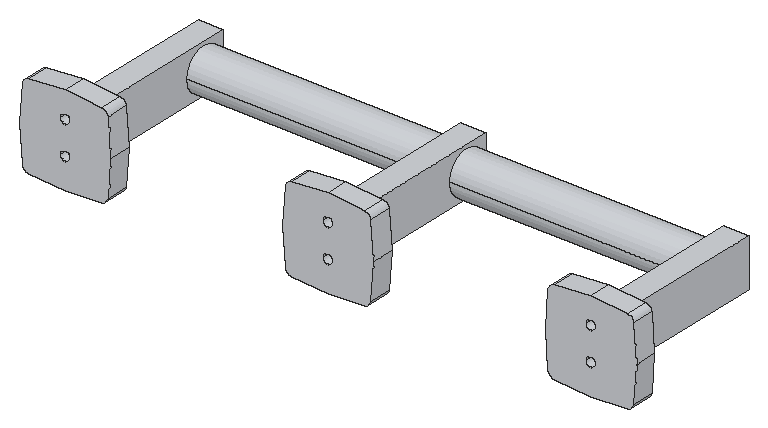
Revit family "AX8662_0006", category Appareils sanitaires, Revit 2016
Family settings
  Hôte = Mur
  Type d'élément = Normal
  Cote de connecteur circulaire = Utiliser le diamètre
  Numéro OmniClass = 23.75.00.00
  Titre OmniClass = Climate Control (HVAC)
  Toujours verticalement = Oui
  Couper avec des vides une fois chargée = Non
  Partagée = Non
  Point de calcul de pièce = Non
Parameters (values of type "Type 1")
  URL = "https://www.axeuro.com/fr/distributeurs-pour-petits-rouleaux/15382-double-distributeur-economique-ax8662.html"
  Type de produit / Type of product = "Double distributeur de papier toilette économique / Economical double toilet tissue dispenser"  # constant formula
  Référence / Reference = "AX8662, AX8662P"  # constant formula
  Model = ""
  Manufacturer = ""
  Entreprise / Company = "Axeuro"  # constant formula
  Description = ""
Reference planes
  plane 1 "Mur": y = 0
  plane 2 "Centre (gauche/droite)": x = 0
  plane 3 "Arrière": y = 75
Forms (mm)
  Extrusion 1, solid
    sketch origin (150.082, 75, -3.042) x (1, 0, 0) y (0, 0, 1)
      loop
        line (1.655, 1690.699) -> (-11.819, 1690.699) -> (-11.819, 1663.799) -> (1.655, 1663.799) -> (1.655, 1690.699)
    from -100 to -12.275
  Extrusion 2, solid
    sketch origin (5.082, 75, -3.042) x (1, 0, 0) y (0, 0, 1)
      loop
        line (1.655, 1690.699) -> (-11.819, 1690.699) -> (-11.819, 1663.799) -> (1.655, 1663.799) -> (1.655, 1690.699)
    from -100 to -12.275
  Extrusion 3, solid
    sketch origin (145, 0, 0.862) x (0, 1, 0) y (0, 0, 1)
      loop
        circle (161.349, 1673.345) r 11.625
    from -138.263 to -6.737
  Extrusion 4, solid
    sketch origin (-139.918, 75, -3.042) x (1, 0, 0) y (0, 0, 1)
      loop
        line (1.655, 1690.699) -> (-11.819, 1690.699) -> (-11.819, 1663.799) -> (1.655, 1663.799) -> (1.655, 1690.699)
    from -100 to -12.275
  Extrusion 5, solid
    sketch origin (0, 0, 0.862) x (0, 1, 0) y (0, 0, 1)
      loop
        circle (161.349, 1673.345) r 11.625
    from -138.263 to -6.737
  Extrusion 6, solid
    sketch origin (-1092.173, 75, -140.409) x (1, 0, 0) y (0, 0, 1)
      loop
        arc (1257.307, 1838.115) -> (1247.265, 1839.205) -> (1237.173, 1839.606) r 147.77
        arc (1237.173, 1839.606) -> (1227.08, 1839.205) -> (1217.039, 1838.115) r 147.77
        arc (1217.039, 1838.115) -> (1214.783, 1837.062) -> (1213.5, 1834.928) r 4.26
        arc (1213.5, 1834.928) -> (1212.512, 1824.794) -> (1212.218, 1814.616) r 149.119
        arc (1212.218, 1814.616) -> (1212.512, 1804.438) -> (1213.5, 1794.304) r 149.119
        arc (1213.5, 1794.304) -> (1214.783, 1792.17) -> (1217.039, 1791.118) r 4.26
        arc (1217.039, 1791.118) -> (1227.08, 1790.027) -> (1237.173, 1789.626) r 147.77
        arc (1237.173, 1789.626) -> (1247.265, 1790.027) -> (1257.307, 1791.118) r 147.77
        arc (1257.307, 1791.118) -> (1259.563, 1792.17) -> (1260.846, 1794.304) r 4.26
        arc (1260.846, 1794.304) -> (1261.834, 1804.438) -> (1262.128, 1814.616) r 149.119
        arc (1262.128, 1814.616) -> (1261.834, 1824.794) -> (1260.846, 1834.928) r 149.119
        arc (1260.846, 1834.928) -> (1259.563, 1837.062) -> (1257.307, 1838.115) r 4.26
    from -12.275 to 0
  Extrusion 7, void
    sketch origin (145, 0, -1.029) x (1, 0, 0) y (0, 0, 1)
      loop
        circle (0, 1686) r 2.6
    from -79.516 to -75
  Extrusion 8, void
    sketch origin (145, 0, -19.329) x (1, 0, 0) y (0, 0, 1)
      loop
        circle (0, 1686) r 2.6
    from -79.516 to -75
  Extrusion 9, solid
    sketch origin (-1237.173, 75, -140.409) x (1, 0, 0) y (0, 0, 1)
      loop
        arc (1257.307, 1838.115) -> (1247.265, 1839.205) -> (1237.173, 1839.606) r 147.77
        arc (1237.173, 1839.606) -> (1227.08, 1839.205) -> (1217.039, 1838.115) r 147.77
        arc (1217.039, 1838.115) -> (1214.783, 1837.062) -> (1213.5, 1834.928) r 4.26
        arc (1213.5, 1834.928) -> (1212.512, 1824.794) -> (1212.218, 1814.616) r 149.119
        arc (1212.218, 1814.616) -> (1212.512, 1804.438) -> (1213.5, 1794.304) r 149.119
        arc (1213.5, 1794.304) -> (1214.783, 1792.17) -> (1217.039, 1791.118) r 4.26
        arc (1217.039, 1791.118) -> (1227.08, 1790.027) -> (1237.173, 1789.626) r 147.77
        arc (1237.173, 1789.626) -> (1247.265, 1790.027) -> (1257.307, 1791.118) r 147.77
        arc (1257.307, 1791.118) -> (1259.563, 1792.17) -> (1260.846, 1794.304) r 4.26
        arc (1260.846, 1794.304) -> (1261.834, 1804.438) -> (1262.128, 1814.616) r 149.119
        arc (1262.128, 1814.616) -> (1261.834, 1824.794) -> (1260.846, 1834.928) r 149.119
        arc (1260.846, 1834.928) -> (1259.563, 1837.062) -> (1257.307, 1838.115) r 4.26
    from -12.275 to 0
  Extrusion 10, void
    sketch origin (0, 0, -1.029) x (1, 0, 0) y (0, 0, 1)
      loop
        circle (0, 1686) r 2.6
    from -79.516 to -75
  Extrusion 11, void
    sketch origin (0, 0, -19.329) x (1, 0, 0) y (0, 0, 1)
      loop
        circle (0, 1686) r 2.6
    from -79.516 to -75
  Extrusion 12, solid
    sketch origin (-1382.173, 75, -140.409) x (1, 0, 0) y (0, 0, 1)
      loop
        arc (1257.307, 1838.115) -> (1247.265, 1839.205) -> (1237.173, 1839.606) r 147.77
        arc (1237.173, 1839.606) -> (1227.08, 1839.205) -> (1217.039, 1838.115) r 147.77
        arc (1217.039, 1838.115) -> (1214.783, 1837.062) -> (1213.5, 1834.928) r 4.26
        arc (1213.5, 1834.928) -> (1212.512, 1824.794) -> (1212.218, 1814.616) r 149.119
        arc (1212.218, 1814.616) -> (1212.512, 1804.438) -> (1213.5, 1794.304) r 149.119
        arc (1213.5, 1794.304) -> (1214.783, 1792.17) -> (1217.039, 1791.118) r 4.26
        arc (1217.039, 1791.118) -> (1227.08, 1790.027) -> (1237.173, 1789.626) r 147.77
        arc (1237.173, 1789.626) -> (1247.265, 1790.027) -> (1257.307, 1791.118) r 147.77
        arc (1257.307, 1791.118) -> (1259.563, 1792.17) -> (1260.846, 1794.304) r 4.26
        arc (1260.846, 1794.304) -> (1261.834, 1804.438) -> (1262.128, 1814.616) r 149.119
        arc (1262.128, 1814.616) -> (1261.834, 1824.794) -> (1260.846, 1834.928) r 149.119
        arc (1260.846, 1834.928) -> (1259.563, 1837.062) -> (1257.307, 1838.115) r 4.26
    from -12.275 to 0
  Extrusion 13, void
    sketch origin (-145, 0, -1.029) x (1, 0, 0) y (0, 0, 1)
      loop
        circle (0, 1686) r 2.6
    from -79.516 to -75
  Extrusion 14, void
    sketch origin (-145, 0, -19.329) x (1, 0, 0) y (0, 0, 1)
      loop
        circle (0, 1686) r 2.6
    from -79.516 to -75
Cuts and joins
  Extrusion 7, Extrusion 8, Extrusion 10, Extrusion 11 cuts Extrusion 6
  Extrusion 10, Extrusion 11, Extrusion 13, Extrusion 14 cuts Extrusion 9
  Extrusion 13, Extrusion 14 cuts Extrusion 12
Text (mm)
  text "Côté de la mise en place" at (-1820.995, 1116.779, 0), in view "Niveau de réf."
  text "Côté de la mise en place" at (0, 1334.055, 2976.191), in view "Gauche"
  text "Côté de la mise en place" at (0, 439.194, 2944.362), in view "Droite"
Dimensions and locks
  locked: plane 3 "Arrière" to host wall
  aligned and locked: plane 1 "Mur" to host wall
